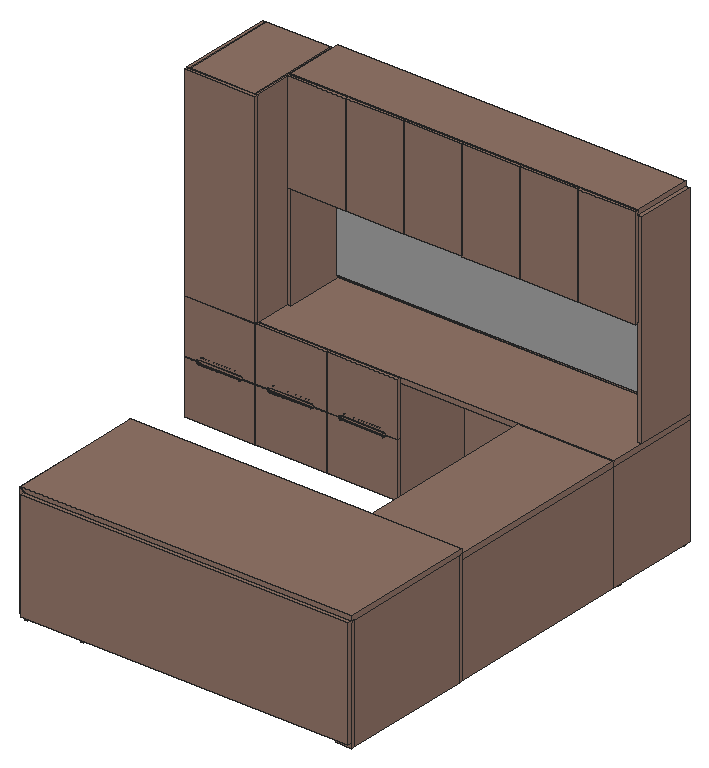
Revit family "OFS TYPICAL T100005", category Furniture, Revit 2022 (continued)
Definition of nested family "OFS SLATE OVERLAY DESK"
  Automatic sketch dimensions
    Revolve 20 sketch curve to Revolve 20 sketch curve = 0' - 0.03868"
    Revolve 20 sketch curve to Revolve 20 sketch curve = 0' - 0"
    Revolve 20 sketch curve to Revolve 20 sketch curve = 0' - 0.086"
    Revolve 21 sketch curve to plane 4 = 0' - 0"
    Revolve 21 sketch curve to level = 0' - 0"  (x2)
    plane 4 to Revolve 21 sketch curve = 0' - 0.19756"
    plane 33 to Revolve 21 sketch curve = 0' - 1.71132"
    Revolve 21 sketch curve to Revolve 21 sketch curve = 0' - 0.03868"
    Revolve 21 sketch curve to Revolve 21 sketch curve = 0' - 0"  (x2)
    Revolve 21 sketch curve to Revolve 21 sketch curve = 0' - 0 1/4"
    Revolve 21 sketch curve to Revolve 21 sketch curve = 0' - 0.086"
    Extrusion 22 sketch curve to plane 3 "Center (Left/Right)" = 0' - 0"  (x2)
    Extrusion 22 sketch curve to plane 33 = 0' - 0"  (x2)
    plane 3 "Center (Left/Right)" to Extrusion 22 sketch curve = 0' - 0 3/4"
    Extrusion 22 sketch curve to plane 33 = 0' - 0 3/4"
    plane 23 "Front" to Extrusion 22 sketch curve = 0' - 0 3/4"
    plane 1 "Center (Front/Back)" to Extrusion 22 sketch curve = 0' - 0 3/4"  (x2)
    Extrusion 23 sketch curve to plane 3 "Center (Left/Right)" = 0' - 0"
    Extrusion 23 sketch curve to plane 33 = 0' - 0"
    plane 3 "Center (Left/Right)" to Extrusion 23 sketch curve = 0' - 0 3/4"
    Extrusion 23 sketch curve to Extrusion 23 sketch curve = 0' - 0 3/4"
    plane 23 "Front" to Extrusion 23 sketch curve = 0' - 0 3/4"  (x2)
    plane 1 "Center (Front/Back)" to Extrusion 23 sketch curve = 0' - 0 3/4"  (x2)
    Extrusion 24 sketch curve to plane 1 "Center (Front/Back)" = 0' - 0"
    Extrusion 24 sketch curve to plane 23 "Front" = 0' - 0"
    plane 12 to Extrusion 24 sketch curve = 0' - 0"
    Extrusion 24 sketch curve to plane 11 = 0' - 1 1/8"
    Masking region 2 sketch curve to plane 3 "Center (Left/Right)" = 0' - 0"
    Masking region 2 sketch curve to plane 23 "Front" = 0' - 0"
    plane 1 "Center (Front/Back)" to Masking region 2 sketch curve = 0' - 0"
    Masking region 2 sketch curve to plane 26 = 0' - 0"
    Masking region 2 sketch curve to plane 32 = 0' - 0"
    Masking region 2 sketch curve to plane 24 = 0' - 0"
    Extrusion 25 sketch curve to plane 28 = 0' - 0"
    Extrusion 25 sketch curve to plane 27 = 0' - 0"
    Extrusion 25 sketch curve to plane 29 = 0' - 0"
    Extrusion 25 sketch curve to plane 30 = 0' - 0"
    plane 1 "Center (Front/Back)" to Extrusion 25 sketch curve = 0' - 0"  (x2)
    plane 23 "Front" to Extrusion 25 sketch curve = 0' - 0 13/16"
    Revolve 26 sketch curve to plane 4 = 0' - 0"
    Revolve 26 sketch curve to level = 0' - 0"  (x2)
    Revolve 26 sketch curve to plane 4 = 0' - 0.19756"
    Revolve 26 sketch curve to plane 30 = 0' - 0.35223"
    Revolve 26 sketch curve to Revolve 26 sketch curve = 0' - 0.03868"
    Revolve 26 sketch curve to Revolve 26 sketch curve = 0' - 0"  (x2)
    Revolve 26 sketch curve to Revolve 26 sketch curve = 0' - 0 1/4"
    Revolve 26 sketch curve to level = 0' - 0.086"
    Revolve 27 sketch curve to plane 4 = 0' - 0"
    Revolve 27 sketch curve to level = 0' - 0"  (x2)
    Revolve 27 sketch curve to plane 28 = 0' - 0.6409"
    Revolve 27 sketch curve to plane 4 = 0' - 0.19756"
    Revolve 27 sketch curve to Revolve 27 sketch curve = 0' - 0 1/4"  (x2)
    Revolve 27 sketch curve to Revolve 27 sketch curve = 0' - 0.03868"
    Revolve 27 sketch curve to Revolve 27 sketch curve = 0' - 0"
    Revolve 27 sketch curve to level = 0' - 0.086"
    Revolve 28 sketch curve to plane 4 = 0' - 0"
    Revolve 28 sketch curve to level = 0' - 0"  (x2)
    plane 4 to Revolve 28 sketch curve = 0' - 0.19756"
    plane 30 to Revolve 28 sketch curve = 0' - 1.45463"
    Revolve 28 sketch curve to Revolve 28 sketch curve = 0' - 0.03868"
    Revolve 28 sketch curve to Revolve 28 sketch curve = 0' - 0"  (x2)
    Revolve 28 sketch curve to Revolve 28 sketch curve = 0' - 0 1/4"
    Revolve 28 sketch curve to Revolve 28 sketch curve = 0' - 0.086"
    Revolve 29 sketch curve to plane 4 = 0' - 0"
    Revolve 29 sketch curve to level = 0' - 0"  (x2)
    plane 28 to Revolve 29 sketch curve = 0' - 1.75545"
    plane 4 to Revolve 29 sketch curve = 0' - 0.19756"
    Revolve 29 sketch curve to Revolve 29 sketch curve = 0' - 0 1/4"  (x2)
    Revolve 29 sketch curve to Revolve 29 sketch curve = 0' - 0.03868"
    Revolve 29 sketch curve to Revolve 29 sketch curve = 0' - 0"
    level to Revolve 29 sketch curve = 0' - 0.086"
    Extrusion 30 sketch curve to plane 28 = 0' - 0"
    Extrusion 30 sketch curve to plane 30 = 0' - 0"
    Extrusion 30 sketch curve to Extrusion 30 sketch curve = 0' - 1 1/2"  (x3)
    plane 1 "Center (Front/Back)" to Extrusion 30 sketch curve = 0' - 0 3/4"  (x2)
    Extrusion 30 sketch curve to plane 30 = 0' - 1 1/2"
    Extrusion 31 sketch curve to plane 8 = 0' - 0"
    Extrusion 31 sketch curve to plane 11 = 0' - 0"
    plane 7 to Extrusion 31 sketch curve = 0' - 0"
    plane 5 to Extrusion 31 sketch curve = 0' - 0"
    plane 23 "Front" to Extrusion 31 sketch curve = 0' - 0 13/16"
    Extrusion 31 sketch curve to Extrusion 31 sketch curve = 0' - 0"
    plane 23 "Front" to Extrusion 31 sketch curve = 0' - 0 1/16"  (x2)
    Extrusion 32 sketch curve to plane 4 = 0' - 0"
    Extrusion 32 sketch curve to plane 5 = 0' - 0"
    plane 30 to Extrusion 32 sketch curve = 0' - 0 3/4"
    plane 28 to Extrusion 32 sketch curve = 0' - 0 3/4"
    Extrusion 33 sketch curve to plane 3 "Center (Left/Right)" = 0' - 0"
    Extrusion 33 sketch curve to plane 12 = 0' - 0"
    Extrusion 33 sketch curve to plane 9 = 0' - 0"
    Extrusion 33 sketch curve to plane 27 = 0' - 0"
    plane 9 to Extrusion 33 sketch curve = 0' - 0 1/8"
    Extrusion 33 sketch curve to plane 32 = 0' - 0.30178"
    plane 9 to Extrusion 33 sketch curve = 0' - 0.21339"
    Extrusion 34 sketch curve to plane 3 "Center (Left/Right)" = 0' - 0"
    plane 1 "Center (Front/Back)" to Extrusion 34 sketch curve = 0' - 0"
    Extrusion 34 sketch curve to plane 26 = 0' - 0"
    plane 24 to Extrusion 34 sketch curve = 0' - 0"
    Extrusion 35 sketch curve to plane 5 = 0' - 0"
    Extrusion 35 sketch curve to plane 27 = 0' - 0"
    Extrusion 35 sketch curve to plane 32 = 0' - 0"
    Extrusion 35 sketch curve to plane 32 = 0' - 0.21339"
    Extrusion 35 sketch curve to Extrusion 35 sketch curve = 0' - 0 1/8"
    Extrusion 35 sketch curve to plane 12 = 0' - 0"
    plane 9 to Extrusion 35 sketch curve = 0' - 0.30178"
    Sweep 36 sketch curve to plane 29 = 0' - 0"
    Sweep 36 sketch curve to plane 27 = 0' - 0"
    plane 1 "Center (Front/Back)" to Sweep 36 sketch curve = 0' - 0"  (x2)
    plane 25 "Axis" to Sweep 36 sketch curve = 0' - 1.26355"
    Sweep 36 sketch curve to plane 4 = 0' - 0"
    Sweep 36 sketch curve to profile plane = 0' - 0"
    profile plane to Sweep 36 sketch curve = 0' - 0 3/4"
    Sweep 36 sketch curve to Sweep 36 sketch curve = 0' - 1 1/4"
    plane 7 to Sweep 37 sketch curve = 0' - 0.74926"
    Sweep 37 sketch curve to plane 7 = 0' - 0 1/16"
    profile plane to Sweep 37 sketch curve = 0' - 0.74926"
    profile plane to Sweep 37 sketch curve = 0' - 0.24927"
    profile plane to Sweep 37 sketch curve = 0' - 0.23381"
    Sweep 37 sketch curve to Sweep 37 sketch curve = 0' - 0.09245"
    plane 23 "Front" to Sweep 37 sketch curve = 0' - 0.11132"
    Sweep 37 sketch curve to Sweep 37 sketch curve = 0' - 0.31398"
    Sweep 37 sketch curve to Sweep 37 sketch curve = 0' - 0.23083"
  Nested families (in)
    nested 1: "Tag" at (-30, -28.8125, 0) x (-1, 0, 0) z (0, 0, 1), visible <- "Left", type "Center", detail levels fine
      with Offset (LR) 0' - 0", Distance of Center (not Change) 0' - 0.11"
    nested 2: "Tag" at (30, -28.8125, 0) x (-1, 0, 0) z (0, 0, 1), visible <- "Right", type "Center", detail levels fine
      with Offset (LR) 0' - 0", Distance of Center (not Change) 0' - 0.11"
  Definition of nested family "Tag"
    Parameters
      P_Width = 0' - 0"
      Text_Width = "Empty"
      Text_Height = "Empty"
      Text_Diameter = "Empty"
      Text_Depth = "Empty"
      Offset (LR) [instance] = 0' - 0"
      Model Name = "EK-7168-E"
      P_Height = 0' - 0"
      Distance of Center (not Change) = 0' - 0"
      P_Diameter = 0' - 0"
      P_Depth = 0' - 0"
    Reference planes (in)
      plane 1: y = 0
      plane 2: x = 0
    Lines and regions (in)
      reference lines
        curve 1: line (-0.44359, 0, 0) -> (0.41085, 0, 0)
        curve 3: line (0, 0.32564, 0) -> (0, -0.40221, 0)
      reference lines, not visible
        curve 2: line (-0.44359, 0.09843, 0) -> (0.41085, 0.09843, 0)
        curve 4: line (0, 0.42407, 0) -> (0, -0.30379, 0)
    Text (in)
      label "Empty" at (0.00197, -0.0079, 0), shows "Model Name"
      label "Empty" at (0.00197, 0.09052, 0), shows "Model Name", not visible
    Dimensions and locks (in)
      "Distance of Center (not Change)": plane 1 to curve 1
      "Offset (LR)": curve 3 to plane 2
    Automatic sketch dimensions
      curve 1 to curve 3 = 0' - 0.44359"
      curve 3 to curve 1 = 0' - 0.41085"
      curve 3 to curve 1 = 0' - 0.40221"
      curve 1 to curve 3 = 0' - 0.32564"
      curve 2 to curve 4 = 0' - 0.44359"
      curve 4 to curve 2 = 0' - 0.41085"
      curve 4 to curve 2 = 0' - 0.40221"
      curve 2 to curve 4 = 0' - 0.32564"
Definition of nested family "OFS SLATE TACKBOARDS"
  Parameters (values of type "Tackboard 102W x 19D")
    Width = 8' - 6"
    URL = "http://www.ofs.com/"
    Model = "CA-10219HFT"
    Manufacturer = "CAROLINA"
    Height = 1' - 7"
    Elevation [instance] = 2' - 6 1/2"
    Description = "OFS SLATE Inside Back Panel, Fabric Tackboard, 98.50W x 19D x 0,5H, Slate Private Office"
    Default Elevation = 0' - 0"
    Copyright © = "© 2019 OFS"
    Catalog = "https://ofs.com/products/tables/conference/slate"
    Board [instance] = none
    Authoring Version = "Autodesk Revit Architecture 2014"
    Assembly Code = "E2020200"
    2 Piece = Width > 8' 0"  # yes
    1 Piece = not([2 Piece])  # no
  Types (18): name | Width | Model | Height | Description | 2 Piece | 1 Piece
    Tackboard 108W x 25D | 9' - 0" | "CA-10825HFT" | 2' - 1" | "OFS SLATE Inside Back Panel, Fabric Tackboard, 104.50W x 25D x 0,5H, Slate Private Office" | yes | no
    Tackboard 102W x 25D | 8' - 6" | "CA-10225HFT" | 2' - 1" | "OFS SLATE Inside Back Panel, Fabric Tackboard, 98.50W x 25D x 0,5H, Slate Private Office" | yes | no
    Tackboard 96W x 25D | 8' - 0" | "CA-9625HFT" | 2' - 1" | "OFS SLATE Inside Back Panel, Fabric Tackboard, 92.50W x 25D x 0,5H, Slate Private Office" | no | yes
    Tackboard 90W x 25D | 7' - 6" | "CA-9025HFT" | 2' - 1" | "OFS SLATE Inside Back Panel, Fabric Tackboard, 86.50W x 25D x 0,5H, Slate Private Office" | no | yes
    Tackboard 84W x 25D | 7' - 0" | "CA-8425HFT" | 2' - 1" | "OFS SLATE Inside Back Panel, Fabric Tackboard, 80.50W x 25D x 0,5H, Slate Private Office" | no | yes
    Tackboard 78W x 25D | 6' - 6" | "CA-7825HFT" | 2' - 1" | "OFS SLATE Inside Back Panel, Fabric Tackboard, 74.50W x 25D x 0,5H, Slate Private Office" | no | yes
    Tackboard 72W x 25D | 6' - 0" | "CA-7225HFT" | 2' - 1" | "OFS SLATE Inside Back Panel, Fabric Tackboard, 68.50W x 25D x 0,5H, Slate Private Office" | no | yes
    Tackboard 66W x 25D | 5' - 6" | "CA-6625HFT" | 2' - 1" | "OFS SLATE Inside Back Panel, Fabric Tackboard, 62.50W x 25D x 0,5H, Slate Private Office" | no | yes
    Tackboard 60W x 25D | 5' - 0" | "CA-6025HFT" | 2' - 1" | "OFS SLATE Inside Back Panel, Fabric Tackboard, 56.50W x 25D x 0,5H, Slate Private Office" | no | yes
    Tackboard 108W x 19D | 9' - 0" | "CA-10819HFT" | 1' - 7" | "OFS SLATE Inside Back Panel, Fabric Tackboard, 104.50W x 19D x 0,5H, Slate Private Office" | yes | no
    Tackboard 102W x 19D | 8' - 6" | "CA-10219HFT" | 1' - 7" | "OFS SLATE Inside Back Panel, Fabric Tackboard, 98.50W x 19D x 0,5H, Slate Private Office" | yes | no
    Tackboard 96W x 19D | 8' - 0" | "CA-9619HFT" | 1' - 7" | "OFS SLATE Inside Back Panel, Fabric Tackboard, 92.50W x 19D x 0,5H, Slate Private Office" | no | yes
    Tackboard 90W x 19D | 7' - 6" | "CA-9019HFT" | 1' - 7" | "OFS SLATE Inside Back Panel, Fabric Tackboard, 86.50W x 19D x 0,5H, Slate Private Office" | no | yes
    Tackboard 84W x 19D | 7' - 0" | "CA-8419HFT" | 1' - 7" | "OFS SLATE Inside Back Panel, Fabric Tackboard, 80.50W x 19D x 0,5H, Slate Private Office" | no | yes
    Tackboard 78W x 19D | 6' - 6" | "CA-7819HFT" | 1' - 7" | "OFS SLATE Inside Back Panel, Fabric Tackboard, 74.50W x 19D x 0,5H, Slate Private Office" | no | yes
    Tackboard 72W x 19D | 6' - 0" | "CA-7219HFT" | 1' - 7" | "OFS SLATE Inside Back Panel, Fabric Tackboard, 68.50W x 19D x 0,5H, Slate Private Office" | no | yes
    Tackboard 66W x 19D | 5' - 6" | "CA-6619HFT" | 1' - 7" | "OFS SLATE Inside Back Panel, Fabric Tackboard, 62.50W x 19D x 0,5H, Slate Private Office" | no | yes
    Tackboard 60W x 19D | 5' - 0" | "CA-6019HFT" | 1' - 7" | "OFS SLATE Inside Back Panel, Fabric Tackboard, 56.50W x 19D x 0,5H, Slate Private Office" | no | yes
  Reference planes (in)
    plane 1 "Center (Front/Back)": y = 0
    plane 2: z = 0
    plane 3 "Center (Left/Right)": x = 0
    plane 4: x = 51
    plane 5: x = 1.8125
    plane 6: x = 100.1875
    plane 7: x = 102
    plane 8: z = 30.5
    plane 9: z = 49.5
  Forms (in)
    Extrusion 1, solid, material <- "Board", visible <- "1 Piece"
      sketch origin (1.8125, -1.1875, 47.24409) x (0, -1, 0) y (0, 0, 1)
        loop
          line (-0.4375, 2.25591) -> (-0.4375, -16.74409) -> (0, -16.74409) -> (0, 2.25591) -> (-0.4375, 2.25591)
      from 0 to -98.375
    Extrusion 2, solid, material <- "Board", visible <- "2 Piece"
      sketch origin (1.8125, -1.1875, 47.24409) x (0, -1, 0) y (0, 0, 1)
        loop
          line (-0.4375, 2.25591) -> (-0.4375, -16.74409) -> (0, -16.74409) -> (0, 2.25591) -> (-0.4375, 2.25591)
      from 0 to -49.1875
    Extrusion 3, solid, material <- "Board", visible <- "2 Piece"
      sketch origin (58.1875, -1.1875, 47.24409) x (0, -1, 0) y (0, 0, -1)
        loop
          line (-0.4375, -2.25591) -> (0, -2.25591) -> (0, 16.74409) -> (-0.4375, 16.74409) -> (-0.4375, -2.25591)
      from 42 to -7.1875
  Lines and regions (in)
    Masking region 1
      outline origin (71.16612, -60, 49.5) x (0, -1, 0) y (1, 0, 0)
        loop
          line (-59.25, -69.35362) -> (-58.8125, -69.35362) -> (-58.8125, 29.02138) -> (-59.25, 29.02138) -> (-59.25, -69.35362)
    symbolic lines, visible <- "2 Piece", detail levels medium+fine
      curve 1: line (51, -1.1875, 49.5) -> (51, -0.75, 49.5)
  Dimensions and locks (in)
    locked: plane 3 "Center (Left/Right)" to plane 5 at 1.8125
    locked: plane 6 to plane 7 at 1.8125
    "Width": plane 3 "Center (Left/Right)" to plane 7
    equal spacing: plane 5, plane 4, plane 6
    "Elevation": plane 8 to level
    "Height": plane 9 to plane 8
    aligned and locked: level to plane 2
    aligned and locked: plane 8 to Extrusion 1 sketch curve
    aligned and locked: plane 9 to Extrusion 1 sketch curve
    aligned and locked: plane 6 to Extrusion 1
    aligned and locked: Extrusion 2 sketch curve to Extrusion 1  (x2)
    aligned and locked: Extrusion 2 to plane 4
    aligned and locked: plane 4 to Extrusion 3
    aligned and locked: plane 6 to Extrusion 3
    aligned and locked: plane 9 to Extrusion 3 sketch curve
    aligned and locked: plane 8 to Extrusion 3 sketch curve
    aligned and locked: nested 1 to Extrusion 3
    aligned and locked: plane 4 to nested 1
    aligned and locked: Masking region 1 sketch curve to Extrusion 1  (x2)
    aligned and locked: plane 4 to curve 1
  Automatic sketch dimensions
    plane 1 "Center (Front/Back)" to Extrusion 1 sketch curve = 0' - 0 3/4"
    Extrusion 1 sketch curve to Extrusion 1 sketch curve = 0' - 0 7/16"
    plane 1 "Center (Front/Back)" to Extrusion 2 sketch curve = 0' - 0 3/4"
    Extrusion 2 sketch curve to Extrusion 2 sketch curve = 0' - 0 7/16"
    plane 1 "Center (Front/Back)" to Extrusion 3 sketch curve = 0' - 0 3/4"
    Extrusion 3 sketch curve to Extrusion 3 sketch curve = 0' - 0 7/16"
    plane 1 "Center (Front/Back)" to Masking region 1 sketch curve = 0' - 0 3/4"
    Masking region 1 sketch curve to Masking region 1 sketch curve = 0' - 0 7/16"
    plane 1 "Center (Front/Back)" to curve 1 = 0' - 0 3/4"
    plane 1 "Center (Front/Back)" to curve 1 = 0' - 1 3/16"
  Nested families (in)
    nested 1: "Tag" at (51, -1.1875, 0), type "Center", detail levels fine
      with Offset (LR) 0' - 0", Distance of Center (not Change) 0' - 0.11"
  Definition of nested family "Tag"
    Parameters
      P_Width = 0' - 0"
      Text_Width = "Empty"
      Text_Height = "Empty"
      Text_Diameter = "Empty"
      Text_Depth = "Empty"
      Offset (LR) [instance] = 0' - 0"
      Model Name = "Type Catalog"
      P_Height = 0' - 0"
      Distance of Center (not Change) = 0' - 0.1"
      P_Diameter = 0' - 0"
      P_Depth = 0' - 0"
    Reference planes (in)
      plane 1: y = 0
      plane 2: x = 0
    Lines and regions (in)
      reference lines
        curve 1: line (-0.44359, 0.1, 0) -> (0.41085, 0.1, 0)
        curve 3: line (0, 0.42564, 0) -> (0, -0.30221, 0)
      reference lines, not visible
        curve 2: line (-0.44359, 0.09843, 0) -> (0.41085, 0.09843, 0)
        curve 4: line (0, 0.42407, 0) -> (0, -0.30379, 0)
    Text (in)
      label "Empty" at (0.00197, 0.0921, 0), shows "Model Name"
      label "Empty" at (0.00197, 0.09052, 0), shows "Model Name", not visible
    Dimensions and locks (in)
      "Distance of Center (not Change)": plane 1 to curve 1
      "Offset (LR)": curve 3 to plane 2
    Automatic sketch dimensions
      curve 1 to curve 3 = 0' - 0.44359"
      curve 3 to curve 1 = 0' - 0.41085"
      curve 3 to curve 1 = 0' - 0.40221"
      curve 1 to curve 3 = 0' - 0.32564"
      curve 2 to curve 4 = 0' - 0.44359"
      curve 4 to curve 2 = 0' - 0.41085"
      curve 4 to curve 2 = 0' - 0.40221"
      curve 2 to curve 4 = 0' - 0.32564"
Definition of nested family "OFS SLATE CREDENZA SINGLE PEDESTAL"
  Parameters (values of type "Credenza 108"W Single Pedestal Left")
    Width = 9' - 0"
    URL = "http://www.ofs.com/"
    Top [instance] = none
    Right [instance] = no
    Panel [instance] = none
    Mount Panel [instance] = none
    Model = "CA-10824CRL-2"
    Manufacturer = "CAROLINA"
    Left [instance] = yes
    Glides [instance] = none
    Drawers [instance] = none
    Description = "OFS SLATE Credenza Single Pedestal Left 2 Ped, 108W x 24,75D x 29,25H, Slate Private Office"
    Default Elevation = 0' - 0"
    Copyright © = "© 2019 OFS BRANDS"
    Configurations = 1
    Catalog = "https://ofs.com/products/tables/conference/slate"
    Case [instance] = none
    Base [instance] = none
    Authoring Version = "Autodesk Revit Architecture 2014"
    Assembly Code = "E2020200"
  Types (16): name | Width | Right | Model | Left | Description | Configurations
    Credenza 108"W Single Pedestal Left 36 | 9' - 0" | no | "CA-10824CRRC-2" | yes | "OFS SLATE Credenza Single Pedestal & Lateral File Left 36, 108W x 24.75D x 29,25H, Slate Private Office" | 2
    Credenza 90"W Single Pedestal Left 36 | 7' - 6" | no | "CA-9024CRRC-2" | yes | "OFS SLATE Credenza Single Pedestal & Lateral File Left 36, 90W x 24.75D x 29,25H, Slate Private Office" | 2
    Credenza 72"W Single Pedestal Left 30 | 6' - 0" | no | "CA-7224CRRC-2" | yes | "OFS SLATE Credenza Single Pedestal & Lateral File Left 30, 72W x 24.75D x 29,25H, Slate Private Office" | 2
    Credenza 108"W Single Pedestal Right 36 | 9' - 0" | yes | "CA-10824CRRC-2" | no | "OFS SLATE Credenza Single Pedestal & Lateral File Right 36, 108W x 24.75D x 29,25H, Slate Private Office" | 2
    Credenza 90"W Single Pedestal Right 36 | 7' - 6" | yes | "CA-9024CRRC-2" | no | "OFS SLATE Credenza Single Pedestal & Lateral File Right 36, 90W x 24.75D x 29,25H, Slate Private Office" | 2
    Credenza 72"W Single Pedestal Right 30 | 6' - 0" | yes | "CA-7224CRRC-2" | no | "OFS SLATE Credenza Single Pedestal & Lateral File Right 30, 72W x 24.75D x 29,25H, Slate Private Office" | 2
    Credenza 108"W Single Pedestal Left | 9' - 0" | no | "CA-10824CRL-2" | yes | "OFS SLATE Credenza Single Pedestal Left 2 Ped, 108W x 24,75D x 29,25H, Slate Private Office" | 1
    Credenza 90"W Single Pedestal Left | 7' - 6" | no | "CA-9024CRL-2" | yes | "OFS SLATE Credenza Single Pedestal Left, 90W x 24,75D x 29,25H, Slate Private Office" | 1
    Credenza 72"W Single Pedestal Left | 6' - 0" | no | "CA-7224CRL-2" | yes | "OFS SLATE Credenza Single Pedestal Left, 72W x 24,75D x 29,25H, Slate Private Office" | 1
    Credenza 66"W Single Pedestal Left | 5' - 6" | no | "CA-6624CRL-2" | yes | "OFS SLATE Credenza Single Pedestal Left, 66W x 24,75D x 29,25H, Slate Private Office" | 1
    Credenza 60"W Single Pedestal Left | 5' - 0" | no | "CA-6024CRL-2" | yes | "OFS SLATE Credenza Single Pedestal Left, 60W x 24,75D x 29,25H, Slate Private Office" | 1
    Credenza 108"W Single Pedestal Right | 9' - 0" | yes | "CA-10824CRR-2" | no | "OFS SLATE Credenza Single Pedestal Right 2 Ped, 108W x 24,75D x 29,25H, Slate Private Office" | 1
    Credenza 90"W Single Pedestal Right | 7' - 6" | yes | "CA-9024CRR-2" | no | "OFS SLATE Credenza Single Pedestal Right, 90W x 24,75D x 29,25H, Slate Private Office" | 1
    Credenza 72"W Single Pedestal Right | 6' - 0" | yes | "CA-7224CRR-2" | no | "OFS SLATE Credenza Single Pedestal Right, 72W x 24,75D x 29,25H, Slate Private Office" | 1
    Credenza 66"W Single Pedestal Right | 5' - 6" | yes | "CA-6624CRR-2" | no | "OFS SLATE Credenza Single Pedestal Right, 66W x 24,75D x 29,25H, Slate Private Office" | 1
    Credenza 60"W Single Pedestal Right | 5' - 0" | yes | "CA-6024CRR-2" | no | "OFS SLATE Credenza Single Pedestal Right, 60W x 24,75D x 29,25H, Slate Private Office" | 1
  Reference planes (in)
    plane 1 "Center (Front/Back)": y = 0
    plane 2: z = 0
    plane 3 "Center (Left/Right)": x = 0
    plane 4: x = -108
    plane 5: z = 29.2
    plane 6: z = 28.0125
    plane 7: z = 27.2625
    plane 8: z = 14.45
    plane 9: z = 15.48125
    plane 10: z = 0.45
    plane 11: y = 24
    plane 12: y = 12
    plane 13: y = 22.62456
    plane 14: y = 2.25044
    plane 15: x = -54
    plane 16: x = 54
    plane 17: x = 108
  Dimensions and locks (in)
    "Width": plane 4 to plane 3 "Center (Left/Right)"
    equal spacing: plane 11, plane 12, plane 1 "Center (Front/Back)"
    locked: plane 11 to plane 1 "Center (Front/Back)" at 24
    equal spacing: plane 4, plane 15, plane 3 "Center (Left/Right)"
    "Width": plane 3 "Center (Left/Right)" to plane 17
    equal spacing: plane 3 "Center (Left/Right)", plane 16, plane 17
    aligned and locked: level to plane 2
    aligned and locked: nested 2 to plane 15
    aligned and locked: plane 16 to nested 4
  Nested families (in)
    nested 1: "OFS_Slate Private Office_Credenza_Single_Pedestal" at (0, 0, 0), Top <- "Top", Panel <- "Panel", Mount Panel <- "Mount Panel", Glides <- "Glides", Drawers <- "Drawers", Case <- "Case", Base <- "Base", visible <- "Left", type "OFS_Slate Private Office_Credenza_Single_Pedestal"
      with Top none, Right no, Panel none, Mount Panel none, Left yes, Glides none, Drawers none, Case none, Base none, Width 9' - 0", Single/Lateral File yes, Length 2 1' - 6", Length 1 3' - 0", Acessories 5 no, Acessories 4 yes
    nested 2: "Tag" at (-54, -0.8386, 0) x (-1, 0, 0) z (0, 0, 1), visible <- "Left", type "Center", detail levels fine
      with Offset (LR) 0' - 0"
    nested 3: "OFS_Slate Private Office_Credenza_Single_Pedestal" at (0, 0, 0) x (-1, 0, 0) z (0, 0, 1), Top <- "Top", Panel <- "Panel", Mount Panel <- "Mount Panel", Glides <- "Glides", Drawers <- "Drawers", Case <- "Case", Base <- "Base", visible <- "Right", type "OFS_Slate Private Office_Credenza_Single_Pedestal"
      with Top none, Right no, Panel none, Mount Panel none, Left yes, Glides none, Drawers none, Case none, Base none, Width 9' - 0", Single/Lateral File yes, Length 2 1' - 6", Length 1 3' - 0", Acessories 5 no, Acessories 4 yes
    nested 4: "Tag" at (54, -0.8386, 0), visible <- "Right", type "Center", detail levels fine
      with Offset (LR) 0' - 0"
  Definition of nested family "OFS_Slate Private Office_Credenza_Single_Pedestal"
    Parameters
      Width = 5' - 0"
      URL = "http://www.ofsbrands.com/"
      Top [instance] = none
      Single/Lateral File = or(or(Configurations = 2, and(Configurations = 1, Width = 7' 6"), or(Configurations = 2, and(Configurations = 1, Width = 9' 0"))))  # no
      Right [instance] = no
      Panel [instance] = none
      Mount Panel [instance] = none
      Model = "Type Catalog"
      Manufacturer = "OFS BRANDS"  # constant formula
      Length 4 = 1' - 5 7/8"  # constant formula
      Length 3 = if(and(Configurations = 2, Width = 6' 0"), 1' 10.755", if(and(Configurations = 1, Width = 7' 6"), 2' 4.755", if(and(Configurations = 2, Width = 7' 6"), 2' 4.755", 0' 10.755")))  # 0' - 10.755"
      Length 2 = if(and(Configurations = 2, Width = 6' 0"), 2' 6", if(and(Configurations = 2, Width = 7' 6"), 3' 0", if(and(Configurations = 2, Width = 9' 0"), 3' 0", Length 1 / 2)))  # 0' - 9"
      Length 1 = if(and(Configurations = 1, Width = 7' 6"), 3' 0", if(and(Configurations = 1, Width = 7' 6"), 1' 6", if(and(Configurations = 2, Width = 6' 0"), 4' 0", if(and(Configurations = 2, Width = 7' 6"), 4' 6", if(and(Configurations = 1, Width = 9' 0"), 3' 0", if(and(Configurations = 2, Width = 9' 0"), 4' 6", 1' 6"))))))  # 1' - 6"
      Left [instance] = no
      Glides [instance] = none
      Drawers [instance] = none
      Single = 1 = 1  # yes
      Description = "Type Catalog"
      Default Elevation = 0' - 0"
      Copyright © = "© 2016 OFS BRANDS"  # constant formula
      Configurations = 1
      Catalog = "OFS"  # constant formula
      Case [instance] = none
      Base [instance] = none
      Authoring Version = "Autodesk Revit Architecture 2014"  # constant formula
      Assembly Code = "E2020200"
      Acessories 5 = or(and(Configurations = 1, Width < 9' 0"), Configurations = 2)  # yes
      Acessories 4 = and(Configurations = 1, Width > 6' 0")  # no
      Acessories 3 = and(Single)  # yes
      Acessories 2 = not(Acessories 1)  # yes
      Acessories 1 = and(Configurations = 1, Width = 6' 0")  # no
    Reference planes (in)
      plane 1 "Center (Front/Back)": y = 0
      plane 2: z = 0
      plane 3 "Center (Left/Right)": x = 0
      plane 4: x = -60
      plane 5: z = 29.2
      plane 6: z = 28.0125
      plane 7: z = 27.2625
      plane 8: z = 14.45
      plane 9: z = 15.48125
      plane 10: z = 0.45
      plane 11: x = -42
      plane 12: y = 24
      plane 13: y = 12
      plane 14: y = 22.62456
      plane 15: y = 2.25044
      plane 16: x = -58.6091
      plane 17: x = -43.3909
      plane 18: x = -0.59375
      plane 19: x = -21.59375
      plane 20: x = -41.25
      plane 21: x = -1.9375
      plane 22: x = -51
      plane 23: x = -52.39172
      plane 24: x = -49.60828
    Forms (in)
      Revolve 1, solid, material <- "Glides"
        sketch origin (-58.6091, 22.99766, 47.24409) x (0, -1, 0) y (0, 0, 1)
          loop
            line (0.3731, -47.24409) -> (0.3731, -46.79409) -> (0.08442, -46.79409) -> (0.08442, -46.99165)
            arc (0.08442, -46.99165) -> (-0.00059, -47.13636) -> (0.1281, -47.24409) r 0.12988
            line (0.1281, -47.24409) -> (0.3731, -47.24409)
          axis (0.3731, -46.79409) -> (0.3731, -47.24409)
        angle from 0 to 360
      Revolve 2, solid, material <- "Glides"
        sketch origin (-58.6091, 1.00234, 47.24409) x (0, 1, 0) y (0, 0, -1)
          loop
            line (1.2481, 47.24409) -> (1.0031, 47.24409)
            arc (1.0031, 47.24409) -> (0.87441, 47.13636) -> (0.95942, 46.99165) r 0.12988
            line (0.95942, 46.99165) -> (0.95942, 46.79409) -> (1.2481, 46.79409) -> (1.2481, 47.24409)
          axis (1.2481, 46.79409) -> (1.2481, 47.24409)
        angle from 0 to 360
      Revolve 3, solid, material <- "Glides"
        sketch origin (-43.3909, 22.99766, 47.24409) x (0, -1, 0) y (0, 0, 1)
          loop
            line (0.3731, -47.24409) -> (0.3731, -46.79409) -> (0.08442, -46.79409) -> (0.08442, -46.99165)
            arc (0.08442, -46.99165) -> (-0.00059, -47.13636) -> (0.1281, -47.24409) r 0.12988
            line (0.1281, -47.24409) -> (0.3731, -47.24409)
          axis (0.3731, -46.79409) -> (0.3731, -47.24409)
        angle from 0 to 360
      Revolve 4, solid, material <- "Glides"
        sketch origin (-43.3909, 22.99766, 47.24409) x (0, -1, 0) y (0, 0, 1)
          loop
            line (20.74722, -47.24409) -> (20.99222, -47.24409)
            arc (20.99222, -47.24409) -> (21.12091, -47.13636) -> (21.0359, -46.99165) r 0.12988
            line (21.0359, -46.99165) -> (21.0359, -46.79409) -> (20.74722, -46.79409) -> (20.74722, -47.24409)
          axis (20.74722, -46.79409) -> (20.74722, -47.24409)
        angle from 0 to 360
      Revolve 5, solid, material <- "Glides"
        sketch origin (-0.59375, 22.99766, 47.24409) x (0, -1, 0) y (0, 0, 1)
          loop
            line (0.3731, -47.24409) -> (0.3731, -46.79409) -> (0.08442, -46.79409) -> (0.08442, -46.99165)
            arc (0.08442, -46.99165) -> (-0.00059, -47.13636) -> (0.1281, -47.24409) r 0.12988
            line (0.1281, -47.24409) -> (0.3731, -47.24409)
          axis (0.3731, -46.79409) -> (0.3731, -47.24409)
        angle from 0 to 360
      Revolve 6, solid, material <- "Glides"
        sketch origin (-0.59375, 22.99766, 47.24409) x (0, -1, 0) y (0, 0, 1)
          loop
            line (20.74722, -47.24409) -> (20.99222, -47.24409)
            arc (20.99222, -47.24409) -> (21.12091, -47.13636) -> (21.0359, -46.99165) r 0.12988
            line (21.0359, -46.99165) -> (21.0359, -46.79409) -> (20.74722, -46.79409) -> (20.74722, -47.24409)
          axis (20.74722, -46.79409) -> (20.74722, -47.24409)
        angle from 0 to 360
      Extrusion 7, solid, material <- "Mount Panel"
        sketch origin (0, 0, 0) x (1, 0, 0) y (0, 1, 0)
          loop
            line (-42, 24) -> (-42, 20.75) -> (-41.25, 20.75) -> (-41.25, 24) -> (-42, 24)
          loop
            line (-1.9375, 24) -> (-1.9375, 20.75) -> (-1.1875, 20.75) -> (-1.1875, 24) -> (-1.9375, 24)
        from 0.45 to 28.0125
      Extrusion 8, solid, material <- "Mount Panel", visible <- "Acessories 5"
        sketch origin (0, 0, 0) x (1, 0, 0) y (0, 0, 1)
          loop
            line (-42, 14.45) -> (-42, 0.45) -> (-1.1875, 0.45) -> (-1.1875, 14.45) -> (-42, 14.45)
        from -20.75 to -20
      Extrusion 9, solid, material <- "Mount Panel", visible <- "Acessories 2"
        sketch origin (0, 0, 0) x (1, 0, 0) y (0, 0, 1)
          loop
            line (-41.875, 14.575) -> (-1.3125, 14.575) -> (-1.3125, 27.2625) -> (-41.875, 27.2625) -> (-41.875, 14.575)
        from -20 to -20.75
      Extrusion 10, solid, material <- "Top"
        sketch origin (-58.6091, 22.99766, 47.24409) x (0, -1, 0) y (0, 0, 1)
          loop
            line (-1.00234, -18.04409) -> (-1.00234, -19.2316) -> (22.99766, -19.2316) -> (22.99766, -18.04409) -> (-1.00234, -18.04409)
        from 1.3909 to -58.6091
      Extrusion 11, solid, material <- "Case"
        sketch origin (0, 0, 0) x (1, 0, 0) y (0, 0, 1)
          loop
            line (-60, 28.0125) -> (-60, 1.7) -> (-59.25, 1.7) -> (-59.25, 28.0125) -> (-60, 28.0125)
        from 0 to -24
      Sweep 12, solid, material <- "Case"
        path origin (4.6577, -60, 0.45) x (0, -1, 0) y (1, 0, 0)
          loop
            line (-84, -63.9077) -> (-61.625, -63.9077) -> (-61.625, -47.4077) -> (-84, -47.4077)
        profile origin (-51, 1.625, 0.45) x (0, 1, 0) y (0, 0, 1)
          loop
            line (0, 0) -> (0, 1.25) -> (-0.75, 1.25) -> (-0.75, 0) -> (0, 0)
      Extrusion 13, solid, material <- "Case"
        sketch origin (-42, -9, 47.24409) x (0, 1, 0) y (0, 0, -1)
          loop
            line (9, 45.54409) -> (9, 19.2316) -> (33, 19.2316) -> (33, 45.54409) -> (9, 45.54409)
        from 0 to 0.75
      Extrusion 14, solid, material <- "Case"
        sketch origin (4.6577, -60, 0.45) x (0, -1, 0) y (-1, 0, 0)
          loop
            line (-83.25, 63.9077) -> (-83.25, 62.4077) -> (-81.75, 62.4077) -> (-81.75, 63.9077) -> (-83.25, 63.9077)
          loop
            line (-63.125, 62.4077) -> (-61.625, 62.4077) -> (-61.625, 63.9077) -> (-63.125, 63.9077) -> (-63.125, 62.4077)
          loop
            line (-63.125, 48.9077) -> (-63.125, 47.4077) -> (-61.625, 47.4077) -> (-61.625, 48.9077) -> (-63.125, 48.9077)
          loop
            line (-83.25, 48.9077) -> (-83.25, 47.4077) -> (-81.75, 47.4077) -> (-81.75, 48.9077) -> (-83.25, 48.9077)
        from 0 to -1.25
      Extrusion 15, solid, material <- "Base", visible <- "Single"
        sketch origin (-71.875, 0, 1.7) x (0, -1, 0) y (-1, 0, 0)
          loop
            line (-23.25, -12.625) -> (-23.25, -29.125) -> (0, -29.125) -> (0, -12.625) -> (-23.25, -12.625)
        from 0 to -0.75
      Extrusion 16, solid, material <- "Panel"
        sketch origin (0, 0, 0) x (1, 0, 0) y (0, 0, 1)
          loop
            line (-1.1875, 28.0125) -> (-1.1875, 0.45) -> (0, 0.45) -> (0, 28.0125) -> (-1.1875, 28.0125)
        from 0 to -24
      Extrusion 17, solid, material <- "Case"
        sketch origin (-71.875, 0, 1.7) x (0, -1, 0) y (-1, 0, 0)
          loop
            line (-23.25, -12.625) -> (-24, -12.625) -> (-24, -29.125) -> (-23.25, -29.125) -> (-23.25, -12.625)
        from 1.25 to -26.3125
      Extrusion 18, solid, material <- "Mount Panel", visible <- "Acessories 1"
        sketch origin (-21.59375, 20.75, 47.24409) x (0, 1, 0) y (0, 0, 1)
          loop
            line (3.25, -19.2316) -> (0, -19.2316) -> (0, -46.79409) -> (3.25, -46.79409) -> (3.25, -19.2316)
        from -0.375 to 0.375
      Extrusion 19, solid, material <- "Case", visible <- "Single/Lateral File"
        sketch origin (4.6577, -60, 0.45) x (0, -1, 0) y (-1, 0, 0)
          loop
            line (-63.125, 57.9077) -> (-63.125, 56.4077) -> (-61.625, 56.4077) -> (-61.625, 57.9077) -> (-63.125, 57.9077)
          loop
            line (-63.125, 54.9077) -> (-63.125, 53.4077) -> (-61.625, 53.4077) -> (-61.625, 54.9077) -> (-63.125, 54.9077)
          loop
            line (-83.25, 57.9077) -> (-83.25, 56.4077) -> (-81.75, 56.4077) -> (-81.75, 57.9077) -> (-83.25, 57.9077)
          loop
            line (-83.25, 54.9077) -> (-83.25, 53.4077) -> (-81.75, 53.4077) -> (-81.75, 54.9077) -> (-83.25, 54.9077)
        from 0 to -1.25
      Revolve 20, solid, material <- "Glides", visible <- "Single/Lateral File"
        sketch origin (-52.39172, 22.99766, 47.24409) x (0, -1, 0) y (0, 0, 1)
          loop
            line (0.3731, -47.24409) -> (0.3731, -46.79409) -> (0.08442, -46.79409) -> (0.08442, -46.99165)
            arc (0.08442, -46.99165) -> (-0.00059, -47.13636) -> (0.1281, -47.24409) r 0.12988
            line (0.1281, -47.24409) -> (0.3731, -47.24409)
          axis (0.3731, -46.79409) -> (0.3731, -47.24409)
        angle from 0 to 360
      Revolve 21, solid, material <- "Glides", visible <- "Single/Lateral File"
        sketch origin (-52.39172, 22.99766, 47.24409) x (0, -1, 0) y (0, 0, 1)
          loop
            line (20.74722, -47.24409) -> (20.99222, -47.24409)
            arc (20.99222, -47.24409) -> (21.12091, -47.13636) -> (21.0359, -46.99165) r 0.12988
            line (21.0359, -46.99165) -> (21.0359, -46.79409) -> (20.74722, -46.79409) -> (20.74722, -47.24409)
          axis (20.74722, -46.79409) -> (20.74722, -47.24409)
        angle from 0 to 360
      Revolve 22, solid, material <- "Glides", visible <- "Single/Lateral File"
        sketch origin (-49.60828, 22.99766, 47.24409) x (0, -1, 0) y (0, 0, 1)
          loop
            line (0.3731, -47.24409) -> (0.3731, -46.79409) -> (0.08442, -46.79409) -> (0.08442, -46.99165)
            arc (0.08442, -46.99165) -> (-0.00059, -47.13636) -> (0.1281, -47.24409) r 0.12988
            line (0.1281, -47.24409) -> (0.3731, -47.24409)
          axis (0.3731, -46.79409) -> (0.3731, -47.24409)
        angle from 0 to 360
      Revolve 23, solid, material <- "Glides", visible <- "Single/Lateral File"
        sketch origin (-49.60828, 22.99766, 47.24409) x (0, -1, 0) y (0, 0, 1)
          loop
            line (20.74722, -47.24409) -> (20.99222, -47.24409)
            arc (20.99222, -47.24409) -> (21.12091, -47.13636) -> (21.0359, -46.99165) r 0.12988
            line (21.0359, -46.99165) -> (21.0359, -46.79409) -> (20.74722, -46.79409) -> (20.74722, -47.24409)
          axis (20.74722, -46.79409) -> (20.74722, -47.24409)
        angle from 0 to 360
      Extrusion 24, solid, material <- "Case", visible <- "Single/Lateral File"
        sketch origin (-51, 24, 47.24409) x (0, -1, 0) y (0, 0, 1)
          loop
            line (1.37544, -19.2316) -> (1.37544, -45.54409) -> (0.75, -45.54409) -> (0.75, -46.79409) -> (22.375, -46.79409) -> (22.375, -44.79409) -> (24, -44.79409) -> (24, -19.2316) -> (1.37544, -19.2316)
        from 0 to 0.75
      Extrusion 25, solid, material <- "Case", visible <- "Single/Lateral File"
        sketch origin (-51, 24, 47.24409) x (0, -1, 0) y (0, 0, 1)
          loop
            line (1.37544, -19.2316) -> (1.37544, -45.54409) -> (0.75, -45.54409) -> (0.75, -46.79409) -> (22.375, -46.79409) -> (22.375, -44.79409) -> (24, -44.79409) -> (24, -19.2316) -> (1.37544, -19.2316)
        from 0 to -0.75
      Extrusion 26, solid, material <- "Base", visible <- "Single/Lateral File"
        sketch origin (-71.875, 0, 1.7) x (1, 0, 0) y (0, -1, 0)
          loop
            line (12.625, -23.25) -> (20.125, -23.25) -> (20.125, 0) -> (12.625, 0) -> (12.625, -23.25)
          loop
            line (21.625, 0) -> (21.625, -23.25) -> (29.125, -23.25) -> (29.125, 0) -> (21.625, 0)
        from 0 to -0.75
      Extrusion 27, solid, material <- "Drawers", visible <- "Single"
        sketch origin (0, 0, 0) x (1, 0, 0) y (0, 0, 1)
          loop
            line (-59.875, 29.1375) -> (-59.875, 15.48125) -> (-42, 15.48125) -> (-42, 29.1375) -> (-59.875, 29.1375)
          loop
            line (-59.875, 1.7) -> (-42, 1.7) -> (-42, 15.35625) -> (-59.875, 15.35625) -> (-59.875, 1.7)
        from 0.08661 to 0.83661
      Sweep 28, void
        path origin (0, 0, 0) x (1, 0, 0) y (0, 0, 1)
          loop
            arc (-56.31491, 16.23051) -> (-57.12667, 15.41875) -> (-56.31491, 14.60699) r 0.81176
            line (-56.31491, 14.60699) -> (-45.56009, 14.60699)
            arc (-45.56009, 14.60699) -> (-44.74833, 15.41875) -> (-45.56009, 16.23051) r 0.81176
            line (-45.56009, 16.23051) -> (-56.31491, 16.23051)
        profile origin (-50.9375, 0, 16.23051) x (0, 0, 1) y (0, -1, 0)
          loop
            line (-0.74926, 0.24286) -> (-0.23364, 0.24286)
            arc (-0.23364, 0.24286) -> (0.00059, 0.45911) -> (-0.1963, 0.70983) r 0.23498
            arc (-0.1963, 0.70983) -> (-0.23423, 0.73116) -> (-0.24927, 0.772) r 0.06296
            line (-0.24927, 0.772) -> (-0.24927, 0.83661) -> (-0.74926, 0.83661) -> (-0.74926, 0.24286)
      Extrusion 29, solid, material <- "Mount Panel", visible <- "Acessories 1"
        sketch origin (0, 20.75, 0) x (-1, 0, 0) y (0, 0, 1)
          loop
            line (21.71875, 27.2625) -> (21.71875, 14.575) -> (41.875, 14.575) -> (41.875, 27.2625) -> (21.71875, 27.2625)
          loop
            line (21.46875, 27.2625) -> (1.3125, 27.2625) -> (1.3125, 14.575) -> (21.46875, 14.575) -> (21.46875, 27.2625)
        from 0 to -0.75
      Extrusion 30, solid, material <- "Drawers", visible <- "Single/Lateral File"
        sketch origin (0, 0, 0) x (1, 0, 0) y (0, 0, 1)
          loop
            line (-59.875, 29.1375) -> (-59.875, 15.48125) -> (-51, 15.48125) -> (-51, 29.1375) -> (-59.875, 29.1375)
          loop
            line (-59.875, 1.7) -> (-51, 1.7) -> (-51, 15.35625) -> (-59.875, 15.35625) -> (-59.875, 1.7)
        from 0.08661 to 0.83661
      Sweep 31, void
        path origin (0, 0, 0) x (1, 0, 0) y (0, 0, 1)
          loop
            arc (-56.31491, 16.23051) -> (-57.12667, 15.41875) -> (-56.31491, 14.60699) r 0.81176
            line (-56.31491, 14.60699) -> (-54.56009, 14.60699)
            arc (-54.56009, 14.60699) -> (-53.74833, 15.41875) -> (-54.56009, 16.23051) r 0.81176
            line (-54.56009, 16.23051) -> (-56.31491, 16.23051)
        profile origin (-55.4375, 0, 16.23051) x (0, 0, 1) y (0, -1, 0)
          loop
            line (-0.74926, 0.83661) -> (-0.74926, 0.24298) -> (-0.24926, 0.24298)
            arc (-0.24926, 0.24298) -> (-0.00161, 0.44796) -> (-0.19226, 0.7068) r 0.23403
            arc (-0.19226, 0.7068) -> (-0.23314, 0.73058) -> (-0.24927, 0.77503) r 0.06934
            line (-0.24927, 0.77503) -> (-0.24927, 0.83661) -> (-0.74926, 0.83661)
      Extrusion 32, solid, material <- "Mount Panel", visible <- "Acessories 4"
        sketch origin (-21.59375, 20.75, 47.24409) x (0, 1, 0) y (0, 0, 1)
          loop
            line (3.25, -46.79409) -> (3.25, -19.2316) -> (-5.75, -19.2316) -> (-5.75, -46.79409) -> (3.25, -46.79409)
        from -0.375 to 0.375
      Extrusion 33, solid, material <- "Mount Panel", visible <- "Acessories 4"
        sketch origin (0, 20.75, 0) x (-1, 0, 0) y (0, 0, 1)
          loop
            line (41.875, 27.2625) -> (22.09375, 27.2625) -> (22.09375, 14.575) -> (41.875, 14.575) -> (41.875, 27.2625)
          loop
            line (21.09375, 14.575) -> (21.09375, 27.2625) -> (1.3125, 27.2625) -> (1.3125, 14.575) -> (21.09375, 14.575)
        from 0 to -0.75
      Extrusion 34, solid, material <- "Mount Panel", visible <- "Acessories 4"
        sketch origin (0, 20.75, 0) x (-1, 0, 0) y (0, 0, 1)
          loop
            line (42, 14.45) -> (21.96875, 14.45) -> (21.96875, 0.45) -> (42, 0.45) -> (42, 14.45)
          loop
            line (1.1875, 0.45) -> (21.21875, 0.45) -> (21.21875, 14.45) -> (1.1875, 14.45) -> (1.1875, 0.45)
        from 0 to -0.75
    Cuts and joins
      joined: Revolve 1, Revolve 2, Revolve 3, Revolve 4, Revolve 5, Revolve 6
      joined: Extrusion 11, Sweep 12, Extrusion 13, Extrusion 17
      joined: Revolve 20, Revolve 21, Revolve 22, Revolve 23
      Sweep 28 cuts Extrusion 27
      Sweep 31 cuts Extrusion 30
    Lines and regions (in)
      Masking region 1
        outline origin (-78.64777, -60, 29.2) x (-1, 0, 0) y (0, -1, 0)
          loop
            line (-18.64777, -84) -> (-18.64777, -60) -> (-78.64777, -60) -> (-78.64777, -84) -> (-18.64777, -84)
          loop
            line (-18.77276, -59.16339) -> (-36.64777, -59.16339) -> (-36.64777, -59.91339) -> (-18.77276, -59.91339) -> (-18.77276, -59.16339)
      reference lines, visible <- "Left"
        curve 1: line (-60, -4.62788, 29.2) -> (-60, 29.25769, 29.2)
      reference lines, visible <- "Right"
        curve 2: line (0, -4.62788, 29.2) -> (0, 29.25769, 29.2)
    Dimensions and locks (in)
      "Width": plane 4 to plane 3 "Center (Left/Right)"
      equal spacing: plane 12, plane 13, plane 1 "Center (Front/Back)"
      locked: plane 12 to plane 1 "Center (Front/Back)" at 24
      plane 21 to plane 18 to plane 3 "Center (Left/Right)" = 0' - 1 11/32" locked, 0' - 0 19/32" locked
      locked: plane 4 to plane 16 at 1.3909
      locked: plane 11 to Extrusion 7 sketch curve at 0.75
      locked: Extrusion 7 sketch curve to plane 18 at 1.34375
      locked: plane 4 to Sweep 12 sketch curve at 0.75
      locked: plane 4 to Extrusion 15 sketch curve at 0.75
      plane 4 to plane 3 "Center (Left/Right)" = 5' - 0"
      equal spacing: plane 20, plane 19, plane 21
      Extrusion 19 sketch curve to Extrusion 19 sketch curve to plane 22 to Extrusion 19 sketch curve to Extrusion 19 sketch curve = 0' - 1 1/2" locked, 0' - 0 3/4" locked, 0' - 0 3/4" locked, 0' - 1 1/2" locked
      locked: plane 4 to Extrusion 17 sketch curve at 0.75
      plane 23 to plane 22 to plane 24 = 0' - 1.39172" locked, 0' - 1.39172" locked
      plane 17 to plane 11 to plane 20 = 0' - 1.3909" locked, 0' - 0 3/4" locked
      "Length 1": plane 4 to plane 11
      Extrusion 14 sketch curve to Extrusion 14 sketch curve to plane 11 = 0' - 1 1/2" locked, 0' - 0 3/4" locked
      Extrusion 26 sketch curve to plane 22 to Extrusion 26 sketch curve = 0' - 0 3/4" locked, 0' - 0 3/4" locked
      "Length 2": plane 4 to plane 22
      locked: plane 11 to Extrusion 29 sketch curve at 0.125
      Extrusion 29 sketch curve to plane 19 to Extrusion 29 sketch curve = 0' - 0 1/8" locked, 0' - 0 1/8" locked
      locked: plane 18 to Extrusion 29 sketch curve at 0.71875
      locked: plane 4 to Extrusion 30 sketch curve at 0.125
      locked: plane 4 to Sweep 31 sketch curve at 3.68509
      locked: Sweep 31 sketch curve to plane 22 at 3.56009
      locked: Extrusion 27 sketch curve to plane 11 at 17.875
      locked: Sweep 28 sketch curve to plane 11 at 3.56009
      locked: cut or joined group of Extrusion 27, Sweep 28 to Sweep 28 sketch curve at 3.56009
      Extrusion 33 sketch curve to plane 19 to Extrusion 33 sketch curve = 0' - 0 1/2" locked, 0' - 0 1/2" locked
      aligned and locked: level to plane 2
      aligned and locked: Extrusion 7 sketch curve to plane 11
      aligned and locked: Extrusion 10 sketch curve to plane 5
      aligned and locked: Extrusion 10 sketch curve to plane 12
      aligned and locked: Extrusion 10 sketch curve to plane 6
      aligned and locked: Extrusion 10 sketch curve to plane 1 "Center (Front/Back)"
      aligned and locked: plane 4 to Extrusion 10
      aligned and locked: plane 3 "Center (Left/Right)" to Extrusion 10
      aligned and locked: Extrusion 14 sketch curve to Extrusion 14 sketch curve  (x2)
      aligned and locked: Masking region 1 sketch curve to Sweep 12  (x2)
      aligned and locked: Masking region 1 sketch curve to Extrusion 10  (x2)
      aligned and locked: Extrusion 19 sketch curve to Extrusion 19 sketch curve  (x4)
      aligned and locked: Extrusion 26 sketch curve to cut or joined group of Extrusion 11, Sweep 12, Extrusion 13, Extrusion 17
      aligned and locked: cut or joined group of Extrusion 11, Sweep 12, Extrusion 13, Extrusion 17 to Extrusion 26 sketch curve
      aligned and locked: plane 11 to Extrusion 27 sketch curve  (x2)
      aligned and locked: Extrusion 27 sketch curve to Extrusion 27 sketch curve
      aligned and locked: plane 22 to Extrusion 30 sketch curve
      aligned and locked: Extrusion 33 sketch curve to Extrusion 9  (x4)
      aligned and locked: Extrusion 33 sketch curve to Extrusion 29
      aligned and locked: Extrusion 29 to Extrusion 33 sketch curve
      aligned and locked: Extrusion 34 sketch curve to Extrusion 8  (x2)
      aligned and locked: Extrusion 34 sketch curve to Extrusion 7
      aligned and locked: Extrusion 7 to Extrusion 34 sketch curve
      aligned and locked: Extrusion 34 sketch curve to Extrusion 32
      aligned and locked: Extrusion 32 to Extrusion 34 sketch curve
    Automatic sketch dimensions
      plane 10 to Revolve 1 sketch curve = 0' - 0"
      Revolve 1 sketch curve to level = 0' - 0"  (x2)
      Revolve 1 sketch curve to plane 14 = 0' - 0"  (x2)
      plane 14 to Revolve 1 sketch curve = 0' - 0.245"
      Revolve 1 sketch curve to Revolve 1 sketch curve = 0' - 0.00072"
      Revolve 1 sketch curve to Revolve 1 sketch curve = 0' - 0 11/256"
      level to Revolve 1 sketch curve = 0' - 0.12988"
      Revolve 1 sketch curve to level = 0' - 0.06704"
      plane 10 to Revolve 2 sketch curve = 0' - 0"
      Revolve 2 sketch curve to level = 0' - 0"  (x2)
      Revolve 2 sketch curve to plane 15 = 0' - 0"  (x2)
      Revolve 2 sketch curve to Revolve 2 sketch curve = 0' - 0.245"
      Revolve 2 sketch curve to Revolve 2 sketch curve = 0' - 0.00072"
      Revolve 2 sketch curve to Revolve 2 sketch curve = 0' - 0 11/256"
      Revolve 2 sketch curve to Revolve 2 sketch curve = 0' - 0.19756"
      Revolve 2 sketch curve to level = 0' - 0.06704"
      plane 10 to Revolve 3 sketch curve = 0' - 0"
      Revolve 3 sketch curve to level = 0' - 0"  (x2)
      Revolve 3 sketch curve to plane 14 = 0' - 0"  (x2)
      Revolve 3 sketch curve to Revolve 3 sketch curve = 0' - 0.245"
      Revolve 3 sketch curve to Revolve 3 sketch curve = 0' - 0.00072"
      Revolve 3 sketch curve to Revolve 3 sketch curve = 0' - 0 11/256"
      Revolve 3 sketch curve to level = 0' - 0.12988"
      level to Revolve 3 sketch curve = 0' - 0.06704"
      Revolve 4 sketch curve to level = 0' - 0"  (x2)
      Revolve 4 sketch curve to plane 15 = 0' - 0"  (x2)
      plane 10 to Revolve 4 sketch curve = 0' - 0"
      plane 15 to Revolve 4 sketch curve = 0' - 0.245"
      Revolve 4 sketch curve to Revolve 4 sketch curve = 0' - 0.00072"
      plane 15 to Revolve 4 sketch curve = 0' - 0.28868"
      Revolve 4 sketch curve to level = 0' - 0.12988"
      level to Revolve 4 sketch curve = 0' - 0.06704"
      plane 10 to Revolve 5 sketch curve = 0' - 0"
      Revolve 5 sketch curve to level = 0' - 0"  (x2)
      Revolve 5 sketch curve to plane 14 = 0' - 0"  (x2)
      Revolve 5 sketch curve to Revolve 5 sketch curve = 0' - 0.245"
      Revolve 5 sketch curve to Revolve 5 sketch curve = 0' - 0.00072"
      Revolve 5 sketch curve to Revolve 5 sketch curve = 0' - 0 11/256"
      Revolve 5 sketch curve to level = 0' - 0.12988"
      level to Revolve 5 sketch curve = 0' - 0.06704"
      Revolve 6 sketch curve to level = 0' - 0"  (x2)
      Revolve 6 sketch curve to plane 15 = 0' - 0"  (x2)
      plane 10 to Revolve 6 sketch curve = 0' - 0"
      plane 15 to Revolve 6 sketch curve = 0' - 0.245"
      Revolve 6 sketch curve to Revolve 6 sketch curve = 0' - 0.00072"
      plane 15 to Revolve 6 sketch curve = 0' - 0.28868"
      Revolve 6 sketch curve to level = 0' - 0.12988"
      level to Revolve 6 sketch curve = 0' - 0.06704"
      Extrusion 7 sketch curve to plane 12 = 0' - 0"  (x2)
      Extrusion 7 sketch curve to plane 18 = 0' - 0 19/32"
      Extrusion 7 sketch curve to plane 14 = 0' - 1.87456"  (x2)
      Extrusion 8 sketch curve to plane 10 = 0' - 0"
      Extrusion 8 sketch curve to plane 8 = 0' - 0"
      Extrusion 8 sketch curve to plane 18 = 0' - 0 19/32"
      Extrusion 9 sketch curve to plane 7 = 0' - 0"
      plane 21 to Extrusion 9 sketch curve = 0' - 0 5/8"
      Extrusion 9 sketch curve to plane 8 = 0' - 0 1/8"
      plane 4 to Extrusion 11 sketch curve = 0' - 0"
      Extrusion 11 sketch curve to plane 6 = 0' - 0"
      plane 16 to Extrusion 11 sketch curve = 0' - 0.6409"
      Extrusion 11 sketch curve to plane 10 = 0' - 1 1/4"
      Sweep 12 sketch curve to plane 12 = 0' - 0"  (x2)
      Sweep 12 sketch curve to plane 15 = 0' - 0.62544"
      plane 10 to Sweep 12 sketch curve = 0' - 0"
      Sweep 12 sketch curve to profile plane = 0' - 0"
      profile plane to Sweep 12 sketch curve = 0' - 0 3/4"
      Sweep 12 sketch curve to plane 10 = 0' - 1 1/4"
      plane 14 to Extrusion 14 sketch curve = 0' - 0.62544"  (x2)
      Extrusion 14 sketch curve to plane 14 = 0' - 0.87456"  (x2)
      plane 15 to Extrusion 14 sketch curve = 0' - 0.87456"  (x2)
      Extrusion 14 sketch curve to plane 15 = 0' - 0.62544"  (x2)
      Extrusion 14 sketch curve to plane 16 = 0' - 0.8591"  (x2)
      plane 16 to Extrusion 14 sketch curve = 0' - 0.6409"  (x2)
      Extrusion 16 sketch curve to plane 10 = 0' - 0"
      Extrusion 16 sketch curve to plane 6 = 0' - 0"
      Extrusion 16 sketch curve to plane 3 "Center (Left/Right)" = 0' - 0"
      Extrusion 16 sketch curve to plane 18 = 0' - 0 19/32"
      Extrusion 17 sketch curve to Extrusion 17 sketch curve = 0' - 0 3/4"
      Masking region 1 sketch curve to plane 11 = 0' - 0"
      Masking region 1 sketch curve to plane 4 = 0' - 0 1/8"
      plane 1 "Center (Front/Back)" to Masking region 1 sketch curve = 0' - 0.08661"
      Masking region 1 sketch curve to Masking region 1 sketch curve = 0' - 0 3/4"
      plane 6 to Extrusion 18 sketch curve = 0' - 0"
      plane 10 to Extrusion 18 sketch curve = 0' - 0"
      Extrusion 18 sketch curve to plane 12 = 0' - 0"
      Extrusion 18 sketch curve to plane 14 = 0' - 1.87456"
      curve 2 to plane 3 "Center (Left/Right)" = 0' - 0"
      curve 1 to plane 4 = 0' - 0"
      plane 12 to curve 1 = 0' - 5.25769"
      plane 12 to curve 2 = 0' - 5.25769"
      plane 1 "Center (Front/Back)" to curve 2 = 0' - 4.62788"
      plane 1 "Center (Front/Back)" to curve 1 = 0' - 4.62788"
      plane 14 to Extrusion 19 sketch curve = 0' - 0.62544"  (x2)
      Extrusion 19 sketch curve to plane 14 = 0' - 0.87456"  (x2)
      plane 15 to Extrusion 19 sketch curve = 0' - 0.87456"  (x2)
      Extrusion 19 sketch curve to plane 15 = 0' - 0.62544"  (x2)
      plane 10 to Revolve 20 sketch curve = 0' - 0"
      Revolve 20 sketch curve to level = 0' - 0"  (x2)
      Revolve 20 sketch curve to plane 14 = 0' - 0"  (x2)
      Revolve 20 sketch curve to plane 14 = 0' - 0.245"
      Revolve 20 sketch curve to Revolve 20 sketch curve = 0' - 0.00072"
      Revolve 20 sketch curve to Revolve 20 sketch curve = 0' - 0 11/256"
      Revolve 20 sketch curve to level = 0' - 0.12988"
      level to Revolve 20 sketch curve = 0' - 0.06704"
      Revolve 21 sketch curve to level = 0' - 0"  (x2)
      Revolve 21 sketch curve to plane 15 = 0' - 0"  (x2)
      plane 10 to Revolve 21 sketch curve = 0' - 0"
      Revolve 21 sketch curve to Revolve 21 sketch curve = 0' - 0.245"
      Revolve 21 sketch curve to Revolve 21 sketch curve = 0' - 0.00072"
      Revolve 21 sketch curve to Revolve 21 sketch curve = 0' - 0.28868"
      Revolve 21 sketch curve to level = 0' - 0.12988"
      level to Revolve 21 sketch curve = 0' - 0.06704"
      plane 10 to Revolve 22 sketch curve = 0' - 0"
      Revolve 22 sketch curve to level = 0' - 0"  (x2)
      Revolve 22 sketch curve to plane 14 = 0' - 0"  (x2)
      plane 14 to Revolve 22 sketch curve = 0' - 0.245"
      Revolve 22 sketch curve to Revolve 22 sketch curve = 0' - 0.00072"
      Revolve 22 sketch curve to Revolve 22 sketch curve = 0' - 0 11/256"
      level to Revolve 22 sketch curve = 0' - 0.12988"
      Revolve 22 sketch curve to level = 0' - 0.06704"
      Revolve 23 sketch curve to level = 0' - 0"  (x2)
      Revolve 23 sketch curve to plane 15 = 0' - 0"  (x2)
      plane 10 to Revolve 23 sketch curve = 0' - 0"
      Revolve 23 sketch curve to Revolve 23 sketch curve = 0' - 0.245"
      Revolve 23 sketch curve to Revolve 23 sketch curve = 0' - 0.00072"
      Revolve 23 sketch curve to Revolve 23 sketch curve = 0' - 0.28868"
      level to Revolve 23 sketch curve = 0' - 0.12988"
      Revolve 23 sketch curve to level = 0' - 0.06704"
      Extrusion 25 sketch curve to plane 1 "Center (Front/Back)" = 0' - 0"
      plane 6 to Extrusion 25 sketch curve = 0' - 0"
      Extrusion 25 sketch curve to plane 15 = 0' - 0.62544"
      Extrusion 25 sketch curve to plane 10 = 0' - 2"
      plane 14 to Extrusion 25 sketch curve = 0' - 0.62544"
      Extrusion 25 sketch curve to plane 10 = 0' - 1 1/4"
      Extrusion 25 sketch curve to plane 14 = 0' - 0"
      plane 10 to Extrusion 25 sketch curve = 0' - 0"
      plane 10 to Extrusion 24 sketch curve = 0' - 0"
      Extrusion 24 sketch curve to plane 1 "Center (Front/Back)" = 0' - 0"
      plane 6 to Extrusion 24 sketch curve = 0' - 0"
      Extrusion 24 sketch curve to plane 15 = 0' - 0.62544"
      Extrusion 24 sketch curve to plane 10 = 0' - 2"
      plane 14 to Extrusion 24 sketch curve = 0' - 0.62544"
      Extrusion 24 sketch curve to plane 10 = 0' - 1 1/4"
      Extrusion 24 sketch curve to plane 14 = 0' - 0"
      Extrusion 15 sketch curve to plane 1 "Center (Front/Back)" = 0' - 0"
      plane 14 to Extrusion 15 sketch curve = 0' - 0.62544"
      Extrusion 17 sketch curve to plane 12 = 0' - 0"
      plane 17 to Extrusion 17 sketch curve = 0' - 0.6409"
      plane 11 to Extrusion 8 sketch curve = 0' - 0"
      Extrusion 9 sketch curve to plane 11 = 0' - 0 1/8"
      plane 17 to Sweep 12 sketch curve = 0' - 0.6409"
      plane 17 to Extrusion 15 sketch curve = 0' - 0.6409"
      Extrusion 13 sketch curve to plane 1 "Center (Front/Back)" = 0' - 0"
      plane 6 to Extrusion 13 sketch curve = 0' - 0"
      Extrusion 13 sketch curve to plane 12 = 0' - 0"
      plane 10 to Extrusion 13 sketch curve = 0' - 1 1/4"
      Extrusion 26 sketch curve to Extrusion 15 = 0' - 0"  (x3)
      Extrusion 15 to Extrusion 26 sketch curve = 0' - 0"
      Sweep 28 sketch curve to plane 8 = 0' - 0.15699"
      Sweep 28 sketch curve to plane 9 = 0' - 0 1/16"
      profile plane to Sweep 28 sketch curve = 0' - 0.74926"
      profile plane to Sweep 28 sketch curve = 0' - 0.24927"
      profile plane to Sweep 28 sketch curve = 0' - 0.23364"
      Sweep 28 sketch curve to Sweep 28 sketch curve = 0' - 0.06296"
      plane 1 "Center (Front/Back)" to Sweep 28 sketch curve = 0' - 0.24286"
      Sweep 28 sketch curve to Sweep 28 sketch curve = 0' - 0.23498"
      Sweep 28 sketch curve to Sweep 28 sketch curve = 0' - 0.29416"
      Sweep 28 sketch curve to Sweep 28 sketch curve = 0' - 0.06462"
      Extrusion 29 sketch curve to Extrusion 9 = 0' - 0"  (x4)
      Sweep 31 sketch curve to plane 8 = 0' - 0.15699"
      Sweep 31 sketch curve to plane 9 = 0' - 0 1/16"
      plane 1 "Center (Front/Back)" to Sweep 31 sketch curve = 0' - 0.24298"
      profile plane to Sweep 31 sketch curve = 0' - 0.74926"
      profile plane to Sweep 31 sketch curve = 0' - 0.24927"
      profile plane to Sweep 31 sketch curve = 0' - 0.24926"
      profile plane to Sweep 31 sketch curve = 0' - 0.23389"
      Sweep 31 sketch curve to Sweep 31 sketch curve = 0' - 0.06934"
      Sweep 31 sketch curve to Sweep 31 sketch curve = 0' - 0.23352"
      Sweep 31 sketch curve to Sweep 31 sketch curve = 0' - 0.29853"
      Sweep 31 sketch curve to Sweep 31 sketch curve = 0' - 0.06158"
